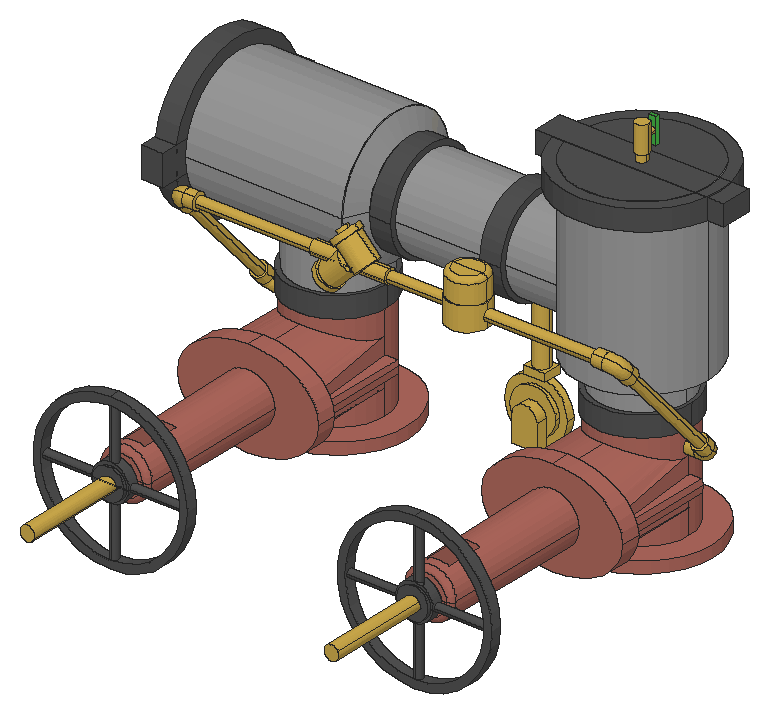
Revit family "Backflow_Preventer-RP-Zurn_Wilkins_Model_475STDAR_Flanged (4-10_inch)", category Pipe Accessories, Revit 2022 (continued)
Definition of nested family "Symbolic diagram 475DAOSY_F"
  Dimensions and locks (in)
    aligned and locked: curve 98 to plane 52
    aligned and locked: plane 51 to curve 97
    aligned and locked: curve 100 to plane 54
    aligned and locked: curve 99 to plane 53
    aligned and locked: plane 55 to curve 105
    aligned and locked: plane 56 to curve 105
    aligned and locked: plane 55 to curve 106
    aligned and locked: plane 56 to curve 106
    aligned and locked: plane 57 to curve 105
    aligned and locked: plane 58 to curve 106
    aligned and locked: curve 126 to plane 52
    aligned and locked: plane 50 to curve 128
    aligned and locked: plane 52 to curve 129
    aligned and locked: curve 123 to plane 60
    aligned and locked: curve 122 to plane 59
    aligned and locked: curve 130 to plane 52
    aligned and locked: plane 54 to curve 130
    aligned and locked: plane 57 to curve 130
    aligned and locked: plane 58 to curve 126
    aligned and locked: plane 59 to curve 126
    aligned and locked: plane 61 to curve 127
    aligned and locked: plane 51 to curve 161
    aligned and locked: curve 162 to plane 62
    aligned and locked: curve 163 to plane 53
    aligned and locked: curve 167 to curve 37
    aligned and locked: curve 168 to curve 36
    aligned and locked: curve 170 to curve 56
    aligned and locked: curve 169 to curve 47
    aligned and locked: plane 57 to curve 135
    aligned and locked: plane 58 to curve 133
    aligned and locked: plane 6 "Back Plane" to curve 134
    aligned and locked: plane 59 to curve 137
    aligned and locked: plane 60 to curve 139
    aligned and locked: plane 6 "Back Plane" to curve 137
    aligned and locked: plane 6 "Back Plane" to curve 139
    aligned and locked: plane 55 to curve 100
    aligned and locked: plane 55 to curve 99
    aligned and locked: curve 100 to plane 56
    aligned and locked: curve 99 to plane 56
    aligned and locked: plane 6 "Back Plane" to curve 163
    aligned and locked: plane 6 "Back Plane" to curve 164
  Automatic sketch dimensions
    curve 8 to plane 16 = 0' - 0"
    curve 22 to plane 21 = 0' - 0"
    curve 80 to plane 13 = 0' - 0"
    curve 108 to plane 52 = 0' - 0"
    curve 113 to plane 61 = 0' - 0"
    curve 132 to plane 10 = 0' - 0"
    curve 132 to plane 61 = 0' - 0"
    curve 125 to plane 52 = 0' - 0"
    plane 17 to curve 86 = 0' - 0"
    plane 23 to curve 24 = 0' - 0"
    curve 85 to plane 42 = 0' - 0"
    curve 81 to plane 42 = 0' - 0"
    curve 167 to plane 11 = 0' - 0"
    curve 168 to plane 11 = 0' - 0"
    curve 128 to level = 0' - 0"
    curve 168 to plane 10 = 0' - 0"
    curve 167 to plane 10 = 0' - 0"
    curve 122 to plane 56 = 0' - 0"
    curve 123 to plane 56 = 0' - 0"
    curve 122 to plane 55 = 0' - 0"
    curve 123 to plane 55 = 0' - 0"
    curve 175 to plane 3 "Center (Left/Right)" = 0' - 0.05136"
    plane 12 to curve 174 = 0' - 0.03197"
    plane 58 to curve 112 = 0' - 0.09303"
    plane 58 to curve 110 = 0' - 0.09303"
    plane 59 to curve 109 = 0' - 0.06322"
    plane 59 to curve 111 = 0' - 0.06322"
    plane 44 to curve 121 = 0' - 0.19864"
    curve 120 to plane 60 = 0' - 0.28053"
    plane 10 to curve 110 = 0' - 0.71198"
    plane 8 "Top Plane" to curve 109 = 0' - 0.78802"
    plane 8 "Top Plane" to curve 121 = 0' - 0.62136"
    plane 8 "Top Plane" to curve 175 = 0' - 0.62136"
    plane 8 "Top Plane" to curve 120 = 0' - 0.28802"
    plane 8 "Top Plane" to curve 175 = 0' - 0.28802"
    plane 8 "Top Plane" to curve 194 = 0' - 0.19895"
    curve 119 to plane 8 "Top Plane" = 0' - 0.04531"
    curve 174 to plane 8 "Top Plane" = 0' - 0.04531"
    curve 103 to plane 24 = 0' - 0 3/16"
    curve 195 to plane 25 = 0' - 0.55105"
    plane 10 to curve 200 = 0' - 0.30984"
    curve 199 to plane 10 = 0' - 0.19016"
    curve 199 to plane 54 = 0' - 0.04061"
    curve 198 to plane 54 = 0' - 0.04061"
    curve 200 to plane 54 = 0' - 0.04061"
    plane 43 to curve 116 = 0' - 0.03197"
    plane 43 to curve 173 = 0' - 0.14225"
    plane 57 to curve 173 = 0' - 0.19977"
    plane 57 to curve 33 = 0' - 0.19666"
    curve 33 to plane 57 = 0' - 0.24256"
    curve 32 to plane 57 = 0' - 0.30334"
    plane 13 to curve 32 = 0' - 0.02381"
    curve 177 to plane 3 "Center (Left/Right)" = 0' - 0.31502"
    curve 176 to plane 55 = 0' - 0.14494"
    curve 176 to plane 3 "Center (Left/Right)" = 0' - 0.31502"
    curve 131 to plane 3 "Center (Left/Right)" = 0' - 0.31502"
    curve 113 to plane 3 "Center (Left/Right)" = 0' - 0.21803"
    plane 3 "Center (Left/Right)" to curve 115 = 0' - 0.33836"
    curve 115 to plane 12 = 0' - 0.11882"
    curve 114 to plane 12 = 0' - 0.07831"
    curve 176 to plane 12 = 0' - 0.02873"
    curve 131 to plane 12 = 0' - 0.02873"
    curve 177 to plane 12 = 0' - 0.02873"
    plane 12 to curve 114 = 0' - 0.21451"
    plane 12 to curve 172 = 0' - 0.2778"
    curve 114 to curve 172 = 0' - 0.3561"
    plane 59 to curve 118 = 0' - 0.06322"
    plane 59 to curve 197 = 0' - 0.12957"
    plane 59 to curve 196 = 0' - 0.12957"
    plane 59 to curve 171 = 0' - 0.12957"
    curve 179 to plane 55 = 0' - 0.14494"
    curve 179 to plane 22 = 0' - 0.37248"
    curve 178 to curve 179 = 0' - 0"
    curve 180 to plane 22 = 0' - 0.37248"
    curve 197 to plane 44 = 0' - 0.47811"
    curve 196 to plane 44 = 0' - 0.47811"
    curve 171 to plane 44 = 0' - 0.47811"
    plane 44 to curve 179 = 0' - 0.15877"
    plane 44 to curve 180 = 0' - 0.15877"
    plane 44 to curve 178 = 0' - 0.15877"
    plane 9 "Bottom Plane" to curve 32 = 0' - 0.40765"
    plane 9 "Bottom Plane" to curve 173 = 0' - 0.40765"
    plane 9 "Bottom Plane" to curve 33 = 0' - 0.40765"
    curve 33 to plane 30 = 0' - 0.38715"
    curve 32 to plane 30 = 0' - 0.38715"
    curve 173 to plane 30 = 0' - 0.38715"
    level to curve 171 = 0' - 0.40957"
    curve 198 to curve 199 = 0' - 0 1/2"  (x2)
    curve 171 to curve 196 = 0' - 0 1/2"
    curve 171 to plane 10 = 0' - 0.69016"
    curve 197 to plane 10 = 0' - 0.46543"
    curve 196 to plane 10 = 0' - 0.19016"
    plane 10 to curve 197 = 0' - 0.30984"
    curve 111 to curve 35 = 0' - 0.41302"
    curve 114 to curve 113 = 0' - 0.2926"
    curve 115 to curve 114 = 0' - 0"
    curve 172 to curve 114 = 0' - 0"
    curve 172 to curve 172 = 0' - 0.5507"
    curve 114 to curve 115 = 0' - 0.5507"
    curve 114 to curve 115 = 0' - 0"
    plane 8 "Top Plane" to curve 116 = 0' - 0.28802"
    plane 8 "Top Plane" to curve 118 = 0' - 0.28802"
    curve 101 to plane 56 = 0' - 0.45682"
    curve 103 to plane 56 = 0' - 0.45682"
    plane 52 to curve 179 = 0' - 0.28107"
    plane 52 to curve 176 = 0' - 0.28107"
    curve 131 to plane 24 = 0' - 0.162"
    curve 178 to plane 24 = 0' - 0.162"
    curve 177 to plane 55 = 0' - 0.09393"
    curve 180 to plane 55 = 0' - 0.09393"
    plane 55 to curve 131 = 0' - 0.2245"
    plane 55 to curve 178 = 0' - 0.2245"
    curve 178 to curve 180 = 0' - 0.38057"
    curve 131 to curve 177 = 0' - 0.38057"
    curve 125 to plane 25 = 0' - 0 1/4"
    curve 108 to plane 25 = 0' - 0 1/4"
    curve 200 to plane 20 = 0' - 0.65168"
    curve 198 to plane 20 = 0' - 0.65168"
    curve 199 to curve 198 = 0' - 0"
    level to curve 198 = 0' - 0.40957"
    curve 200 to plane 10 = 0' - 0.46543"
    curve 200 to curve 34 = 0' - 0.81516"
    curve 60 to plane 21 = 0' - 0"
    curve 203 to plane 54 = 0' - 0"
    curve 184 to plane 12 = 0' - 0"
    curve 154 to plane 61 = 0' - 0"
    curve 146 to plane 61 = 0' - 0"
    curve 145 to plane 61 = 0' - 0"
    curve 160 to plane 50 = 0' - 0"
    curve 64 to plane 23 = 0' - 0"
    curve 89 to plane 47 = 0' - 0"
    curve 93 to plane 47 = 0' - 0"
    curve 169 to plane 33 = 0' - 0"
    curve 170 to plane 33 = 0' - 0"
    curve 170 to plane 32 = 0' - 0"
    curve 169 to plane 32 = 0' - 0"
    curve 135 to plane 6 "Back Plane" = 0' - 0"
    curve 160 to plane 62 = 0' - 0"
    curve 136 to plane 62 = 0' - 0"
    curve 140 to plane 62 = 0' - 0"
    plane 6 "Back Plane" to curve 204 = 0' - 0.20673"
    curve 204 to plane 20 = 0' - 0 19/32"
    curve 202 to plane 62 = 0' - 0.26258"
    curve 202 to plane 20 = 0' - 0 9/16"
    plane 20 to curve 201 = 0' - 0 5/32"
    plane 58 to curve 184 = 0' - 0.29167"
    plane 58 to curve 141 = 0' - 0.09303"
    plane 58 to curve 144 = 0' - 0.09303"
    plane 59 to curve 144 = 0' - 0.06322"
    plane 59 to curve 143 = 0' - 0.06322"
    plane 44 to curve 156 = 0' - 0.19864"
    curve 157 to plane 60 = 0' - 0.28053"
    plane 32 to curve 142 = 0' - 0.33333"
    curve 142 to plane 6 "Back Plane" = 0' - 1.16667"
    curve 182 to plane 6 "Back Plane" = 0' - 1"
    curve 156 to plane 6 "Back Plane" = 0' - 1"
    curve 158 to plane 6 "Back Plane" = 0' - 0.66667"
    curve 141 to curve 183 = 0' - 0 1/2"
    curve 184 to plane 6 "Back Plane" = 0' - 0.33333"
    curve 158 to plane 6 "Back Plane" = 0' - 0.33333"
    curve 201 to plane 34 = 0' - 0 3/16"
    plane 34 to curve 203 = 0' - 0.23077"
    plane 34 to curve 135 = 0' - 0 7/16"
    plane 34 to curve 163 = 0' - 0 7/16"
    plane 34 to curve 137 = 0' - 0.49018"
    curve 76 to plane 32 = 0' - 0.32494"
    curve 76 to plane 20 = 0' - 0.69317"
    plane 32 to curve 77 = 0' - 0.10038"
    curve 76 to curve 77 = 0' - 0.12538"
    curve 190 to curve 77 = 0' - 0"
    curve 76 to plane 54 = 0' - 0.37009"
    curve 77 to plane 54 = 0' - 0.24471"
    curve 190 to plane 54 = 0' - 0.24471"
    curve 189 to plane 43 = 0' - 0.11921"
    plane 43 to curve 189 = 0' - 0.32546"
    plane 43 to curve 73 = 0' - 0.38079"
    curve 73 to plane 57 = 0' - 0.04421"
    curve 181 to plane 57 = 0' - 0.05208"
    curve 72 to plane 57 = 0' - 0.09954"
    curve 72 to plane 13 = 0' - 0.17454"
    plane 13 to curve 151 = 0' - 0.31713"
    plane 13 to curve 152 = 0' - 0.31713"
    plane 13 to curve 153 = 0' - 0.31713"
    curve 146 to plane 3 "Center (Left/Right)" = 0' - 0.21803"
    plane 3 "Center (Left/Right)" to curve 149 = 0' - 0.2025"
    plane 3 "Center (Left/Right)" to curve 150 = 0' - 0 13/64"
    curve 149 to plane 12 = 0' - 0.25106"
    curve 148 to plane 12 = 0' - 0.0475"
    plane 12 to curve 153 = 0' - 0.08912"
    curve 152 to plane 34 = 0' - 0.03974"
    plane 12 to curve 152 = 0' - 0.08912"
    plane 12 to curve 151 = 0' - 0.08912"
    plane 12 to curve 148 = 0' - 0.24894"
    plane 39 to curve 147 = 0' - 0.1841"
    plane 12 to curve 147 = 0' - 0.4525"
    plane 58 to curve 147 = 0' - 0.37606"
    plane 59 to curve 155 = 0' - 0.06322"
    plane 59 to curve 191 = 0' - 0.08808"
    plane 59 to curve 193 = 0' - 0.21346"
    plane 32 to curve 192 = 0' - 0.10038"
    plane 59 to curve 192 = 0' - 0.21346"
    curve 188 to plane 22 = 0' - 0.25463"
    curve 187 to plane 22 = 0' - 0.25463"
    curve 186 to plane 22 = 0' - 0.25463"
    curve 191 to plane 22 = 0' - 0.44241"
    curve 193 to plane 32 = 0' - 0.13915"
    curve 193 to plane 22 = 0' - 0.56779"
    curve 191 to curve 192 = 0' - 0.12538"
    curve 185 to plane 44 = 0' - 0 23/64"
    curve 187 to plane 34 = 0' - 0.03974"
    plane 44 to curve 187 = 0' - 0.27662"
    plane 44 to curve 186 = 0' - 0.27662"
    plane 44 to curve 188 = 0' - 0.27662"
    plane 7 "Front Plane" to curve 73 = 0' - 0.47385"
    plane 7 "Front Plane" to curve 189 = 0' - 0.47385"
    plane 7 "Front Plane" to curve 72 = 0' - 0.47385"
    curve 189 to plane 38 = 0' - 0.54248"
    curve 72 to plane 38 = 0' - 0.54248"
    curve 73 to curve 72 = 0' - 0"
    curve 76 to plane 1 "Center (Front/Back)" = 0' - 0.7758"
    curve 191 to plane 1 "Center (Front/Back)" = 0' - 0.7758"
    curve 191 to curve 192 = 0' - 0.42533"
    curve 76 to curve 77 = 0' - 0.42533"
    curve 154 to plane 32 = 0' - 0.33333"
    curve 191 to plane 32 = 0' - 0.32494"
    curve 190 to plane 32 = 0' - 0.13915"
    curve 190 to plane 39 = 0' - 0.48989"
    curve 142 to curve 193 = 0' - 0.30177"
    plane 39 to curve 149 = 0' - 0.1841"
    plane 39 to curve 148 = 0' - 0.1841"
    curve 148 to curve 149 = 0' - 0.69839"
    curve 149 to curve 148 = 0' - 0"
    curve 148 to curve 147 = 0' - 0"
    curve 181 to curve 182 = 0' - 0.33333"
    curve 155 to curve 156 = 0' - 0.33333"
    curve 201 to plane 62 = 0' - 0 5/8"
    curve 165 to plane 62 = 0' - 0 5/8"
    plane 62 to curve 186 = 0' - 0.27276"
    plane 62 to curve 151 = 0' - 0.27276"
    plane 34 to curve 151 = 0' - 0.25526"
    plane 34 to curve 186 = 0' - 0.25526"
    plane 34 to curve 133 = 0' - 0 7/16"
    plane 34 to curve 139 = 0' - 0 7/16"
    plane 34 to curve 188 = 0' - 0.46026"
    plane 34 to curve 153 = 0' - 0.46026"
    curve 151 to curve 152 = 0' - 0 1/2"
    curve 186 to curve 187 = 0' - 0 1/2"
    curve 150 to plane 35 = 0' - 0.26586"
    curve 185 to plane 35 = 0' - 0.23952"
    curve 153 to plane 35 = 0' - 0.18224"
    curve 188 to plane 35 = 0' - 0.18224"
Types (5): name | Symbol | Relief valve | Rated Flow | Product Weight (lbs) | Product Installation Sheet URL | Pressure Loss at Rated Flow | Nominal Radius | Nominal Diameter | Main Valve Body | Inlet to relief valve center | Gate Valve | Fitting Length | Fitting Height | Fitting Bottom end | DIM E - Valve top to bottom of relief valve | DIM D - Valve center to side coupling end | DIM C - Valve center to gate stem top | DIM B - Overall height of the valve | DIM A - Inlet center to outlet center | DA MR Length | DA MR Height | Center to top of ball on top | Center to main valve center | Center to bottom coupling
  (no name) | Symbolic diagram 475DAOSY_F : 8" | Zurn_Wilkins-Model-3707-CU-XL : 8" | 1600 GPM | 625 | "https://files.zurn.com/care-cleaning-install-warranty-sheets/is475st-8.pdf" | 14.50 psi | 0' - 4" | 0' - 8" | Zurn_Wilkins_Model_475STDAR-(4-10_Inch) : 8" | 1' - 7 15/32" | Gate Valve_475_OSY : 8" | 3' - 2" | 1' - 4 1/2" | 2' - 0" | 2' - 6 5/8" | 1' - 0 7/8" | 3' - 1" | 2' - 10 7/8" | 2' - 5" | 3' - 7 1/2" | 1' - 2" | 1' - 1 3/4" | 0' - 1 9/16" | 0' - 9 5/8"
  4-475STDAR (4" 475STDAR) | Symbolic diagram 475DAOSY_F : 4" | Zurn_Wilkins-Model-3707-CU-XL : 4" | 500 GPM | 222 | "https://files.zurn.com/care-cleaning-install-warranty-sheets/is475st.pdf" | 11.00 psi | 0' - 2" | 0' - 4" | Zurn_Wilkins_Model_475STDAR-(4-10_Inch) : 4 inch | 0' - 11 31/32" | Gate Valve_475_OSY : 4" | 2' - 0" | 1' - 0 1/2" | 1' - 4" | 1' - 6.3755" | 0' - 10 1/8" | 1' - 10 1/2" | 1' - 10 1/4" | 1' - 6 5/16" | 2' - 5 1/2" | 0' - 11" | 0' - 7 1/4" | 0' - 0" | 0' - 6"
  6-475STDAR (6" 475STDAR) | Symbolic diagram 475DAOSY_F : 6" | Zurn_Wilkins-Model-3707-CU-XL : 6" | 1000 GPM | 350 | "https://files.zurn.com/care-cleaning-install-warranty-sheets/is475st.pdf" | 11.00 psi | 0' - 3" | 0' - 6" | Zurn_Wilkins_Model_475STDAR-(4-10_Inch) : 6" | 0' - 11 31/32" | Gate Valve_475_OSY : 6" | 2' - 1" | 1' - 1 1/4" | 1' - 8" | 1' - 10 3/8" | 0' - 10 5/8" | 2' - 6 1/2" | 2' - 3 7/8" | 1' - 6 11/16" | 2' - 6 1/2" | 0' - 11 1/2" | 0' - 9 13/16" | 0' - 1 9/16" | 0' - 7 9/16"
  8-475STDAR (8" 475STDAR) | Symbolic diagram 475DAOSY_F : 8" | Zurn_Wilkins-Model-3707-CU-XL : 8" | 1600 GPM | 625 | "https://files.zurn.com/care-cleaning-install-warranty-sheets/is475st-8.pdf" | 14.50 psi | 0' - 4" | 0' - 8" | Zurn_Wilkins_Model_475STDAR-(4-10_Inch) : 8" | 1' - 7 15/32" | Gate Valve_475_OSY : 8" | 3' - 2" | 1' - 4 1/2" | 2' - 0" | 2' - 6 5/8" | 1' - 0 7/8" | 3' - 1" | 2' - 10 7/8" | 2' - 5" | 3' - 7 1/2" | 1' - 2" | 1' - 1 3/4" | 0' - 1 9/16" | 0' - 9 5/8"
  10-475STDAR (10" 475STDAR) | Symbolic diagram 475DAOSY_F : 10" | Zurn_Wilkins-Model-3707-CU-XL : 10 | 2300 GPM | 878 | "https://files.zurn.com/care-cleaning-install-warranty-sheets/is475st-8.pdf" | 15.50 psi | 0' - 5" | 0' - 10" | Zurn_Wilkins_Model_475STDAR-(4-10_Inch) : 10" | 1' - 6 7/32" | Gate Valve_475_OSY : 10" | 3' - 4" | 1' - 5" | 2' - 0" | 2' - 8 3/4" | 1' - 0 7/8" | 3' - 9 5/8" | 3' - 2 3/4" | 2' - 5" | 3' - 9 1/2" | 1' - 2" | 1' - 3 3/4" | 0' - 1 9/16" | 0' - 10"
